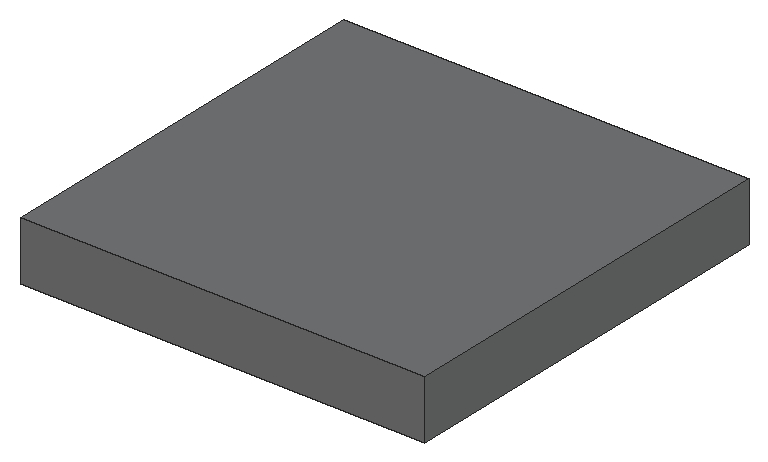
Revit family "Gira_0284600", category Electrical Fixtures, host Face, Revit 2017
Family settings
  Host = Face
  Maintain Annotation Orientation = No
  Round Connector Dimension = Use Diameter
  Part Type = Normal
  Cut with Voids When Loaded = No
  Shared = No
  Room Calculation Point = No
Parameters (values of type "Cov. in.sp. UAE/IAE network conn.box System 55 stainl.steel")
  With strain relief = "No"
  With imprint = "No"
  With hinged lid = "No"
  With dust cover = "No"
  Utilization = "UAE/IAE (ISDN)"
  URL = "http://katalog.gira.de/en/datenblatt.html?artikelnr=0284600"
  Type of fastening = "Mounting with screw"
  Transparent = "No"
  Surface protection = "Other"
  Surface finishing = "Not applicable"
  Support ring = "No"
  Suitable for degree of protection (IP) = "IP20"
  Name = "Cov. in.sp. UAE/IAE network conn.box System 55 stainl.steel"
  Mounting method = "Flush mounted (plaster)"
  Material quality = "Stainless steel"
  Material = "Metal"
  Manufacturer URL = "https://www.gira.de/"
  Manufacturer = "Gira"
  Luster terminal = "No"
  Keynote = ""
  Imprintable label = "With indication plate"
  HeinzeBIM = "https://bimportal.heinze.de/bim/cov-in-sp-uae-iae-network-conn-box-system-55-stainl-steel/6ade07854b502efc13e3128c09772e6872d4d8dd"
  Halogen free = "No"
  HAN = "0284600"
  GTIN = "4010337021612"
  Description = "Cov.in.sp.UAE IAE network Sys55 SSTl,Cover for UAE IAE (ISDN) and network connection box,with inscription space,Stainless steel,Features:,- Cover plate can be broken out.,,Notes :,- Suitable for UAE IAE (ISDN) connection boxes."
  Default Elevation = 1219.2 mm
  Data sheet (1) = "https://katalog.gira.de/en/download.html?artikelnr=0284600"
  Colour = "Stainless steel"
  Category = "Insert/cover for communication technology"
  BIM (1) = "https://media.stage.bim.site/public/gira/36a6b08/Sys55_Abdeckung_Schalten und Tasten.rfa?public/gira/36a6b08/Sys55_Abdeckung_Schalten und Tasten.rfa"
  Available = "No"
  Assembly arrangement = "Central cover plate"
  Anthrazit [instance] = Anthrazit
Reference planes
  plane 1 "Center (Front/Back)": y = 0
  plane 2: z = 0
  plane 3 "Center (Left/Right)": x = 0
Forms (mm)
  Extrusion 1, solid, material "Anthrazit" <- "Anthrazit", detail levels fine
    sketch origin (0, 0, 0) x (1, 0, 0) y (0, 1, 0)
      loop
        line (-27.5, 27.5) -> (-27.5, -27.5) -> (27.5, -27.5) -> (27.5, 27.5) -> (-27.5, 27.5)
    from 0 to 8
  Extrusion 2, void
    sketch origin (0, 0, 0) x (1, 0, 0) y (0, 1, 0)
      loop
        line (26, 26) -> (-26, 26) -> (-26, -26) -> (26, -26) -> (26, 26)
    from 0 to 6
  Extrusion 3, solid, material "Anthrazit" <- "Anthrazit", detail levels medium
    sketch origin (0, 0, 0) x (1, 0, 0) y (0, 1, 0)
      loop
        line (-27.5, 27.5) -> (-27.5, -27.5) -> (27.5, -27.5) -> (27.5, 27.5) -> (-27.5, 27.5)
    from 0 to 8
  Extrusion 4, solid, material "Anthrazit" <- "Anthrazit", detail levels medium
    sketch origin (0, 0, 0) x (1, 0, 0) y (0, 1, 0)
      loop
        line (11, -17.5) -> (11, 17.5) -> (-11, 17.5) -> (-11, -17.5) -> (11, -17.5)
    from -6 to 6
  Extrusion 5, solid, material "Anthrazit" <- "Anthrazit", detail levels fine
    sketch origin (0, 0, 0) x (1, 0, 0) y (0, 1, 0)
      loop
        line (11, 17.5) -> (-11, 17.5) -> (-11, 16.5) -> (11, 16.5) -> (11, 17.5)
      loop
        line (-11, -16.5) -> (-11, -17.5) -> (11, -17.5) -> (11, -16.5) -> (-11, -16.5)
    from -4 to 6
  Extrusion 6, solid, material "Anthrazit" <- "Anthrazit", detail levels fine
    sketch origin (0, 0, 0) x (1, 0, 0) y (0, 1, 0)
      loop
        arc (5, 9.347) -> (0, 10.6) -> (-5, 9.347) r 10.6
        line (-5, 9.347) -> (-5, -9.347)
        arc (-5, -9.347) -> (0, -10.6) -> (5, -9.347) r 10.6
        line (5, -9.347) -> (5, 9.347)
    from -6 to 6
  Extrusion 7, solid, material "Anthrazit" <- "Anthrazit", detail levels coarse
    sketch origin (0, 0, 0) x (1, 0, 0) y (0, 1, 0)
      loop
        line (-27.5, 27.5) -> (-27.5, -27.5) -> (27.5, -27.5) -> (27.5, 27.5) -> (-27.5, 27.5)
    from -6 to 8
Cuts and joins
  Extrusion 2 cuts Extrusion 1
Dimensions and locks
  aligned and locked: plane 2 to host face
  aligned and locked: level to host face
